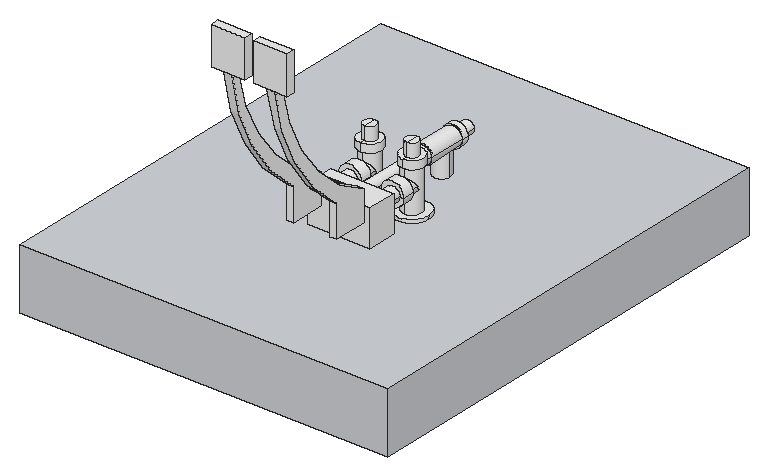
Revit family "Faucet-Bedpan_Washer-Zurn-Z85500-XL-WM", category Plumbing Fixtures, host Face, Revit 2022
Family settings
  Host = Face
  Round Connector Dimension = Use Radius
  Part Type = Normal
  OmniClass Number = 23.45.55.11
  OmniClass Title = Sanitary Components
  Cut with Voids When Loaded = No
  Maintain Annotation Orientation = No
  Shared = No
  Room Calculation Point = No
Parameters (values of type "Z85500-XL-WM (Wall Mount Double Foot Pedal Valve)")
  Width of assembly = 13.875"  # constant formula
  Width of Valve = 5.000"  # constant formula
  Waste Connection = 1 = 0  # no
  WFU = 0  # constant formula
  Vent Connection = 1 = 0  # no
  URL = "www.zurn.com"
  Repair Parts URL = "https://files.zurn.com/care-cleaning-install-warranty-sheets/cf1499.pdf#page=3"
  Product data URL = "https://www.bimobject.com/zurnindustries/product/Z85500-XL-WM"
  Product Page URL = "https://www.zurn.com/products/finish-plumbing/aquaspec-manual-faucets/other-faucets/z85500-xl-wm"
  Product Installation Sheet URL = "https://files.zurn.com/care-cleaning-install-warranty-sheets/cf1499.pdf"
  Product Documentation Link = "https://files.zurn.com/spec-sheets/z85500-xl_spec.pdf"
  Modified Date = "01/13/2026"  # constant formula
  Model = "Z85500-XL-WM"  # constant formula
  Manufacturer Brand = "Zurn"  # constant formula
  Manufacturer = "Zurn Water, LLC"  # constant formula
  Main Material = Chrome-Plated Brass - Zurn - Polished
  Inlet Connection Size (inch) = 1.000"
  Inlet Axis of Water to Ground = 13.000"  # constant formula
  HWFU = 1  # constant formula
  HW Connection = 1 = 1  # yes
  Distance b/w Ground & Food Pedals = 2.000"  # constant formula
  Distance Between Hot  & Cold water Axis Inlet = 2.500"  # constant formula
  Description = "Wall Mount Double Foot Pedal Valve"  # constant formula
  Default Elevation = 48.000"
  Date Created = "01/13/2026"  # constant formula
  CWFU = 1  # constant formula
  CW Connection = 1 = 1  # yes
  Assembly Code = "D2010.60"
  Activation Method = "Manual Operated"
Reference planes (in)
  plane 1 "Center (Front/Back)": y = 0
  plane 2: z = -8.42438
  plane 3 "Center (Left/Right)": x = 0
Forms (in)
  Extrusion 1, solid
    sketch origin (0, 0, 0) x (1, 0, 0) y (0, 1, 0)
      loop
        line (-11, 13) -> (-11, -13.72026) -> (10.7802, -13.72026) -> (10.7802, 13) -> (-11, 13)
    from -8.42438 to -12
Dimensions and locks (in)
  aligned and locked: plane 2 to Extrusion 1
  aligned and locked: Extrusion 1 to nested 1
  aligned and locked: plane 3 "Center (Left/Right)" to nested 1
  aligned and locked: plane 1 "Center (Front/Back)" to nested 1
Nested families (in)
  nested 1: "Z85500-XL-WM- Generic" at (0, -13, -8.42438) x (-1, 0, 0) z (0, 1, 0), type "Z85500-XL-WM-EVB-HK-SE-SH2-VC"
    with Vacuum Breaker Mounting Height 84.000", Spray Hose Mounting Height 66.000", Desired Sprayer Distance from Centerline 0.000", Desired Distance Between Vacuum Breaker Pipes 3.500", Calculated Spray Hose Mounting Distance 54.000"
Connectors (in)
  piping at (-1.25, 0, -8.42438), diameter 2, driven by "Inlet Connection Size (inch)", driven by "HW Connection"
    settings: on nested 1, index 1, connector inside diameter 24", connector length 0.000", flow factor 0, pipe flow 0 GPM, pressure drop 0.00 psi, fitting loss kfactor 0, connector angle 0.00°, fixture units 0, engagement length 0.000", angle of deflection 0.00°, flow configuration 0, flow direction 1, fitting loss method 0, system type 19, joint type 0, gender type 0, connector reference index -1, connector utility 1, adjustable connector no, is connector primary yes, connector description "Hot Water Inlet"
  piping at (1.25, 0, -8.42438), diameter 2, driven by "Inlet Connection Size (inch)", driven by "CW Connection"
    settings: on nested 1, index 2, connector inside diameter 24", connector length 0.000", flow factor 0, pipe flow 0 GPM, pressure drop 0.00 psi, fitting loss kfactor 0, connector angle 0.00°, fixture units 0, engagement length 0.000", angle of deflection 0.00°, flow configuration 0, flow direction 1, fitting loss method 0, system type 20, joint type 0, gender type 0, connector reference index -1, connector utility 1, adjustable connector no, is connector primary no, connector description "Cold Water inlet"
Definition of nested family "Z85500-XL-WM- Generic"
  Parameters
    Waste Connection = no
    Volume Control = yes
    Vent Connection = no
    Vacuum Breaker Mounting Height [instance] = 84.000"
    URL = "www.zurn.com"
    Type Comments = "Wall mounted double pedal bedpan washer with 1/2\" NPT angle stop inletes and elevated vacuum breaker."
    Sprayer Hook = yes
    Spray Hose with Angled Handle = yes
    Spray Hose Mounting Height [instance] = 66.000"
    Spray Hose Distance to Right of Centerline = 6.000"
    Product data url = "https://bimobject.com/zurnindustries/product/zurn-z85500-xl-wm-evb-hk-se-sh2-vc"
    Product Documentation Link = "http://www.zurn.com/Pages/ProductDetails.aspx?NodeKey=417721"
    Pipe Material = none
    Model = "Z85500-XL-WM-EVB-HK-SE-SH2-VC"
    Manufacturer = "Zurn Industries, LLC"  # constant formula
    Hot Water Radius = Hot Water Connection Diameter / 2  # 0.250"
    Hot Water Connection Diameter = 1/2"
    Hose Material = none
    Handle Material = none
    HW Connection = yes
    Flow = 1.6 GPM
    Faucet Material = none
    Elevated Vacuum Breaker = yes
    Desired Sprayer Mounting Height = 0.000"
    Desired Sprayer Distance from Centerline [instance] = 0.000"
    Desired Distance Between Vacuum Breaker Pipes [instance] = 3.500"
    Designation = "Faucet"  # constant formula
    Description = "Bedpan Washer"  # constant formula
    Default Elevation = 48.000"
    Cold Water Radius = Cold Water Connection Diameter / 2  # 0.250"
    Cold Water Connection Diameter = 1/2"
    Calculated Spray Hose Mounting Distance [instance] = 48.000" + Spray Hose Distance to Right of Centerline  # 54.000"
    CW Connection = yes
    Assembly Code = "D2010900"
  Reference planes (in)
    plane 1 "Wall Face": y = 0
    plane 2 "Bottom": z = 0
    plane 3 "Center (Left/Right)": x = 0
    plane 4 "Hot Water Supply": x = -1.25
    plane 5 "Cold Water Supply": x = 1.25
    plane 6 "Pedal Mounting Bracket Left End": x = -1.84375
    plane 7 "Pedal Mounting Bracket Right End": x = 1.84375
    plane 8 "Sprayer Centerline": x = 6
    plane 9 "Mounting Reference Calculation Point": x = -48
    plane 10 "Pedal Bottom": z = 2.5
    plane 11 "Water Supply Centerline": z = 13
    plane 12 "Pedal Bracket Bottom": z = 9.125
    plane 13 "Pedal Bracket Top": z = 10.875
    plane 14 "Pipe Out From Pedals": z = 16.75
    plane 15 "Pedal Valve Top": z = 18.67187
    plane 16 "Water Valve Nut Bottom": z = 15.04687
    plane 17 "Pedal Mounting Bracket Front": y = -2.15625
    plane 18 "Vertical Pipe Centerline": y = -1.625
    plane 19 "Inlet Pipe Front": y = -3.875
    plane 20 "Pedal Front Edge": y = -13.375
    plane 21 "Pedal Swivel Point": y = -2.79687
    plane 22 "Pedal Back Edge": y = -11.125
    plane 23 "Cold Pedal Shaft Right Edge": x = 1.5
    plane 24 "Hot Pedal Shaft Left Edge": x = -1.5
    plane 25 "Hot Pedal Shaft Right Edge": x = -1.0625
    plane 26 "Cold Pedal Shaft Left Edge": x = 1.0625
    plane 27 "Pedal Top": z = 3
    plane 28 "Outlet Pipe to Sprayer": y = 3.375
    plane 29 "Wall Plate Face": y = -0.1875
    plane 30: z = 13
  Forms (in)
    Extrusion 1, solid, material <- "Faucet Material"
      sketch origin (0, 0, 0) x (1, 0, 0) y (0, 0, 1)
        loop
          line (-1.84375, 9.125) -> (1.84375, 9.125) -> (1.84375, 10.875) -> (-1.84375, 10.875) -> (-1.84375, 9.125)
      from 0 to 2.15625
    Extrusion 2, solid, material <- "Faucet Material"
      sketch origin (0, 0, 2.5) x (-1, 0, 0) y (0, -1, 0)
        loop
          line (2.25, 13.375) -> (0.25, 13.375) -> (0.25, 11.125) -> (2.25, 11.125) -> (2.25, 13.375)
      from 0 to 0.5
    Extrusion 3, solid, material <- "Faucet Material"
      sketch origin (0, 0, 2.5) x (-1, 0, 0) y (0, -1, 0)
        loop
          line (-0.25, 13.375) -> (-2.25, 13.375) -> (-2.25, 11.125) -> (-0.25, 11.125) -> (-0.25, 13.375)
      from 0 to 0.5
    Extrusion 4, solid, material <- "Faucet Material", detail levels fine
      sketch origin (-1.25, 0, 0) x (0, 1, 0) y (0, 0, 1)
        loop
          line (-1.25, 9.125) -> (-3.04688, 9.125)
          arc (-3.04688, 9.125) -> (-6.29777, 5.02301) -> (-11.125, 3) r 10.5
          line (-11.125, 3) -> (-11.125, 2.5)
          arc (-11.125, 2.5) -> (-6.67421, 4.01562) -> (-3.1474, 7.125) r 12
          line (-3.1474, 7.125) -> (-1.25, 7.125) -> (-1.25, 9.125)
      from -0.25 to 0.1875
    Extrusion 5, solid, material <- "Faucet Material", detail levels fine
      sketch origin (1.25, 15, 0) x (0, 1, 0) y (0, 0, 1)
        loop
          line (-16.25, 9.125) -> (-18.04688, 9.125)
          arc (-18.04688, 9.125) -> (-21.29777, 5.02301) -> (-26.125, 3) r 10.5
          line (-26.125, 3) -> (-26.125, 2.5)
          arc (-26.125, 2.5) -> (-21.67421, 4.01562) -> (-18.1474, 7.125) r 12
          line (-18.1474, 7.125) -> (-16.25, 7.125) -> (-16.25, 9.125)
      from -0.1875 to 0.25
    Revolve 6, solid, material <- "Faucet Material", detail levels fine
      sketch origin (-1.25, 0, 0) x (0, 1, 0) y (0, 0, 1)
        loop
          line (-0.1875, 13) -> (-0.1875, 13.5625) -> (-2.67188, 13.5625) -> (-2.67188, 13.6875) -> (-3.125, 13.6875) -> (-3.125, 13.375) -> (-3.875, 13.375) -> (-3.875, 13) -> (-0.1875, 13)
        axis (-3.875, 13) -> (-0.1875, 13)
      angle from 0 to 360
    Revolve 7, solid, material <- "Faucet Material", detail levels fine
      sketch origin (1.25, 0, 0) x (0, 1, 0) y (0, 0, 1)
        loop
          line (-0.1875, 13) -> (-0.1875, 13.5625) -> (-2.67188, 13.5625) -> (-2.67188, 13.6875) -> (-3.125, 13.6875) -> (-3.125, 13.375) -> (-3.875, 13.375) -> (-3.875, 13) -> (-0.1875, 13)
        axis (-3.875, 13) -> (-0.1875, 13)
      angle from 0 to 360
    Revolve 8, solid, material <- "Faucet Material", detail levels fine
      sketch origin (0, -1.625, 0) x (-1, 0, 0) y (0, 0, 1)
        loop
          line (-1.25, 10.875) -> (-1.25, 13) -> (-1.75, 13) -> (-1.75, 12.18435) -> (-1.9375, 12.18435) -> (-1.9375, 11.55935) -> (-1.67188, 11.55935) -> (-1.67188, 10.875) -> (-1.25, 10.875)
        axis (-1.25, 13) -> (-1.25, 10.875)
      angle from 0 to 360
    Revolve 9, solid, material <- "Faucet Material", detail levels fine
      sketch origin (-2.5, -1.625, 0) x (-1, 0, 0) y (0, 0, 1)
        loop
          line (-1.25, 10.875) -> (-1.25, 13) -> (-1.75, 13) -> (-1.75, 12.18435) -> (-1.9375, 12.18435) -> (-1.9375, 11.55935) -> (-1.67188, 11.55935) -> (-1.67188, 10.875) -> (-1.25, 10.875)
        axis (-1.25, 13) -> (-1.25, 10.875)
      angle from 0 to 360
    Revolve 10, solid, material <- "Faucet Material", detail levels fine
      sketch origin (0, -1.625, 0) x (-1, 0, 0) y (0, 0, 1)
        loop
          line (0, 10.875) -> (0, 18.67187) -> (-0.375, 18.67187) -> (-0.375, 17.92187) -> (-0.625, 17.92187) -> (-0.625, 17.54687) -> (-0.5625, 17.54687) -> (-0.5625, 15.34375) -> (-0.5, 15.34375) -> (-0.5, 15.04687) -> (-0.34375, 15.04687) -> (-0.34375, 10.875) -> (0, 10.875)
        axis (0, 18.67187) -> (0, 10.875)
      angle from 0 to 360
    Extrusion 11, solid, material <- "Faucet Material"
      sketch origin (0, 0, 0) x (1, 0, 0) y (0, 0, 1)
        loop
          circle (0, 16.75) r 0.5
      from 0 to 1.625
    Extrusion 12, solid, material <- "Pipe Material"
      sketch origin (0, 0, 0) x (1, 0, 0) y (0, 0, 1)
        loop
          circle (0, 16.75) r 0.375
      from -3.375 to 0
    Extrusion 13, solid, material <- "Faucet Material"
      sketch origin (0, 0, 0) x (0, 1, 0) y (0, 0, 1)
        loop
          circle (-2.79688, 8.625) r 0.40625
      from -1.0625 to 1.0625
    Extrusion 14, solid, material <- "Faucet Material"
      sketch origin (0, 0, 0) x (1, 0, 0) y (0, 0, 1)
        loop
          circle (1.25, 13) r 1
      from 0 to 0.1875
    Extrusion 15, solid, material <- "Faucet Material"
      sketch origin (0, 0, 0) x (1, 0, 0) y (0, 0, 1)
        loop
          circle (-1.25, 13) r 1
      from 0 to 0.1875
    Extrusion 16, solid, detail levels coarse+medium
      sketch origin (0, 0, 0) x (0, 1, 0) y (0, 0, 1)
        loop
          line (-3.04688, 9.125) -> (-11.125, 3) -> (-11.125, 2.5) -> (-9.24721, 2.5) -> (-3.1474, 7.125) -> (-1.25, 7.125) -> (-1.25, 9.125) -> (-3.04688, 9.125)
      from -1.5 to -1.0625
    Extrusion 17, solid, detail levels coarse+medium
      sketch origin (0, 0, 0) x (0, 1, 0) y (0, 0, 1)
        loop
          line (-3.04688, 9.125) -> (-11.125, 3) -> (-11.125, 2.5) -> (-9.24721, 2.5) -> (-3.1474, 7.125) -> (-1.25, 7.125) -> (-1.25, 9.125) -> (-3.04688, 9.125)
      from 1.0625 to 1.5
    Extrusion 18, solid, detail levels coarse+medium
      sketch origin (0, 0, 0) x (1, 0, 0) y (0, 0, 1)
        loop
          circle (-1.25, 13) r 0.6875
        loop
          circle (1.25, 13) r 0.6875
      from 0 to 3.875
    Extrusion 19, solid, detail levels coarse+medium
      sketch origin (0, 0, 0) x (1, 0, 0) y (0, 1, 0)
        loop
          circle (-1.25, -1.625) r 0.6875
        loop
          circle (1.25, -1.625) r 0.6875
      from 10.875 to 13
    Extrusion 20, solid, detail levels coarse+medium
      sketch origin (0, 0, 0) x (1, 0, 0) y (0, 1, 0)
        loop
          circle (0, -1.625) r 0.625
      from 10.875 to 18.67187
  Cuts and joins
    joined: Extrusion 2, Extrusion 3, Extrusion 11, Extrusion 14, Extrusion 15
  Lines and regions (in)
    Masking region 1, detail levels medium+fine
      outline origin (0, 0, 10.875) x (-1, 0, 0) y (0, -1, 0)
        loop
          line (1.84375, 0) -> (1.84375, 2.15625) -> (-1.84375, 2.15625) -> (-1.84375, 0) -> (1.84375, 0)
    Masking region 2, detail levels medium+fine
      outline origin (0, 0, 3) x (-1, 0, 0) y (0, -1, 0)
        loop
          line (2.25, 13.375) -> (0.25, 13.375) -> (0.25, 11.125) -> (1.0625, 11.125) -> (1.0625, 2.15625) -> (1.5, 2.15625) -> (1.5, 11.125) -> (2.25, 11.125) -> (2.25, 13.375)
        loop
          line (-0.25, 13.375) -> (-2.25, 13.375) -> (-2.25, 11.125) -> (-1.5, 11.125) -> (-1.5, 2.15625) -> (-1.0625, 2.15625) -> (-1.0625, 11.125) -> (-0.25, 11.125) -> (-0.25, 13.375)
    Masking region 3, detail levels fine
      outline origin (0, 0, 16.75) x (-1, 0, 0) y (0, -1, 0)
        loop
          line (0.5, 0) -> (0.5, 1.625)
          arc (0.5, 1.625) -> (0, 2.125) -> (-0.5, 1.625) r 0.5
          line (-0.5, 1.625) -> (-0.5, 0) -> (0.5, 0)
    symbolic lines, detail levels coarse
      curve 1: line (-1.25, 0, 3) -> (-1.25, -13.375, 3)
      curve 2: line (1.25, 0, 3) -> (1.25, -13.375, 3)
  Dimensions and locks (in)
    plane 4 "Hot Water Supply" to plane 3 "Center (Left/Right)" to plane 5 "Cold Water Supply" = 1.250" locked, 1.250" locked
    plane 6 "Pedal Mounting Bracket Left End" to plane 3 "Center (Left/Right)" to plane 7 "Pedal Mounting Bracket Right End" = 1.84375" locked, 1.84375" locked
    locked: plane 9 "Mounting Reference Calculation Point" to plane 3 "Center (Left/Right)" at 48
    locked: plane 10 "Pedal Bottom" to plane 2 "Bottom" at 2.5
    locked: plane 13 "Pedal Bracket Top" to plane 12 "Pedal Bracket Bottom" at 1.75
    locked: plane 11 "Water Supply Centerline" to plane 2 "Bottom" at 13
    locked: plane 12 "Pedal Bracket Bottom" to plane 2 "Bottom" at 9.125
    locked: plane 14 "Pipe Out From Pedals" to plane 11 "Water Supply Centerline" at 3.75
    locked: plane 15 "Pedal Valve Top" to plane 14 "Pipe Out From Pedals" at 1.92188
    locked: plane 14 "Pipe Out From Pedals" to plane 16 "Water Valve Nut Bottom" at 1.70312
    locked: plane 1 "Wall Face" to plane 17 "Pedal Mounting Bracket Front" at 2.15625
    locked: plane 1 "Wall Face" to plane 18 "Vertical Pipe Centerline" at 1.625
    locked: plane 18 "Vertical Pipe Centerline" to plane 19 "Inlet Pipe Front" at 2.25
    locked: plane 1 "Wall Face" to plane 20 "Pedal Front Edge" at 13.375
    locked: plane 1 "Wall Face" to plane 21 "Pedal Swivel Point" at 2.79688
    locked: plane 22 "Pedal Back Edge" to plane 20 "Pedal Front Edge" at 2.25
    plane 24 "Hot Pedal Shaft Left Edge" to plane 4 "Hot Water Supply" to plane 25 "Hot Pedal Shaft Right Edge" = 0.250" locked, 0.1875" locked
    plane 26 "Cold Pedal Shaft Left Edge" to plane 5 "Cold Water Supply" to plane 23 "Cold Pedal Shaft Right Edge" = 0.1875" locked, 0.250" locked
    locked: plane 27 "Pedal Top" to plane 10 "Pedal Bottom" at 0.5
    Extrusion 2 sketch curve to plane 4 "Hot Water Supply" to Extrusion 2 sketch curve = 1.000" locked, 1.000" locked
    Extrusion 3 sketch curve to plane 5 "Cold Water Supply" to Extrusion 3 sketch curve = 1.000" locked, 1.000" locked
    locked: plane 18 "Vertical Pipe Centerline" to Extrusion 4 sketch curve at 0.375
    locked: plane 12 "Pedal Bracket Bottom" to Extrusion 4 sketch curve at 2
    locked: Extrusion 4 sketch curve to plane 18 "Vertical Pipe Centerline" at 1.42188
    locked: Extrusion 4 sketch curve to plane 18 "Vertical Pipe Centerline" at 1.5224
    locked: Extrusion 4 sketch curve to plane 22 "Pedal Back Edge" at 1.51671
    locked: Extrusion 4 sketch curve to plane 27 "Pedal Top" at 10.38988
    locked: Extrusion 4 sketch curve to plane 27 "Pedal Top" at 11.39713
    locked: Extrusion 4 sketch curve to plane 22 "Pedal Back Edge" at 1.56787
    locked: Extrusion 5 sketch curve to plane 18 "Vertical Pipe Centerline" at 1.42188
    Extrusion 5 sketch curve to plane 18 "Vertical Pipe Centerline" to Extrusion 4 = 1.5224" locked, 0.375" locked
    locked: plane 12 "Pedal Bracket Bottom" to Extrusion 4 at 2
    locked: Extrusion 5 sketch curve to plane 22 "Pedal Back Edge" at 1.51671
    locked: Extrusion 5 sketch curve to plane 27 "Pedal Top" at 10.38988
    locked: Extrusion 5 sketch curve to plane 27 "Pedal Top" at 11.39713
    locked: Extrusion 5 sketch curve to plane 22 "Pedal Back Edge" at 1.56787
    plane 19 "Inlet Pipe Front" to Revolve 6 sketch curve to Revolve 6 sketch curve = 0.750" locked, 0.45313" locked
    Revolve 6 sketch curve to Revolve 6 sketch curve to plane 11 "Water Supply Centerline" = 0.3125" locked, 0.375" locked
    locked: Revolve 6 sketch curve to plane 11 "Water Supply Centerline" at 0.5625
    locked: Revolve 7 sketch curve to Revolve 7 sketch curve at 0.45313
    locked: Revolve 7 sketch curve to Revolve 7 sketch curve at 0.3125
    locked: plane 19 "Inlet Pipe Front" to Revolve 7 sketch curve at 0.75
    locked: Revolve 7 sketch curve to plane 11 "Water Supply Centerline" at 0.375
    locked: Revolve 7 sketch curve to plane 11 "Water Supply Centerline" at 0.5625
    Revolve 8 sketch curve to Revolve 8 sketch curve to plane 13 "Pedal Bracket Top" = 0.625" locked, 0.68435" locked
    locked: Revolve 8 sketch curve to plane 5 "Cold Water Supply" at 0.5
    locked: Revolve 8 sketch curve to plane 5 "Cold Water Supply" at 0.6875
    locked: Revolve 8 sketch curve to plane 5 "Cold Water Supply" at 0.42188
    locked: Revolve 9 sketch curve to Revolve 9 sketch curve at 0.625
    locked: Revolve 9 sketch curve to plane 4 "Hot Water Supply" at 0.5
    locked: Revolve 9 sketch curve to plane 4 "Hot Water Supply" at 0.6875
    locked: Revolve 9 sketch curve to plane 4 "Hot Water Supply" at 0.42187
    locked: Revolve 9 sketch curve to plane 13 "Pedal Bracket Top" at 0.68435
    locked: Revolve 10 sketch curve to plane 16 "Water Valve Nut Bottom" at 0.29688
    plane 15 "Pedal Valve Top" to Revolve 10 sketch curve to Revolve 10 sketch curve = 0.750" locked, 0.375" locked
    locked: Revolve 10 sketch curve to plane 3 "Center (Left/Right)" at 0.375
    locked: Revolve 10 sketch curve to Revolve 10 sketch curve at 0.625
    locked: plane 3 "Center (Left/Right)" to Revolve 10 sketch curve at 0.5625
    locked: Revolve 10 sketch curve to plane 3 "Center (Left/Right)" at 0.5
    locked: Revolve 10 sketch curve to plane 3 "Center (Left/Right)" at 0.34375
    locked: plane 1 "Wall Face" to plane 28 "Outlet Pipe to Sprayer" at 3.375
    locked: plane 12 "Pedal Bracket Bottom" to Extrusion 13 sketch curve at 0.5
    cut or joined group of Extrusion 2, Extrusion 3, Extrusion 11, Extrusion 14, Extrusion 15 to plane 4 "Hot Water Supply" to cut or joined group of Extrusion 2, Extrusion 3, Extrusion 11, Extrusion 14, Extrusion 15 = 1.000" locked, 1.000" locked
    cut or joined group of Extrusion 2, Extrusion 3, Extrusion 11, Extrusion 14, Extrusion 15 to plane 5 "Cold Water Supply" to cut or joined group of Extrusion 2, Extrusion 3, Extrusion 11, Extrusion 14, Extrusion 15 = 1.000" locked, 1.000" locked
    Masking region 3 sketch curve to plane 3 "Center (Left/Right)" to Masking region 3 sketch curve = 0.500" locked, 0.500" locked
    locked: plane 1 "Wall Face" to plane 29 "Wall Plate Face" at 0.1875
    plane 1 "Wall Face" to Extrusion 17 = 11.125"
    radius of Extrusion 4 sketch curve = 10.500"
    radius of Extrusion 5 sketch curve = 10.500"
    radius of Extrusion 5 sketch curve = 12.000"
    radius of Extrusion 4 sketch curve = 12.000"
    radius of Extrusion 11 sketch curve = 0.500"
    radius of Extrusion 12 sketch curve = 0.375"
    radius of Extrusion 13 sketch curve = 0.40625"
    radius of Masking region 3 sketch curve = 0.500"
    radius of Extrusion 14 sketch curve = 1.000"
    radius of Extrusion 15 sketch curve = 1.000"
    aligned and locked: level to plane 2 "Bottom"
    aligned and locked: Extrusion 1 to plane 1 "Wall Face"
    aligned and locked: Extrusion 1 to plane 17 "Pedal Mounting Bracket Front"
    aligned and locked: Extrusion 3 to plane 10 "Pedal Bottom"
    aligned and locked: Extrusion 2 to plane 10 "Pedal Bottom"
    aligned and locked: plane 27 "Pedal Top" to Extrusion 2
    aligned and locked: plane 27 "Pedal Top" to Extrusion 3
    aligned and locked: Extrusion 4 to plane 24 "Hot Pedal Shaft Left Edge"
    aligned and locked: plane 25 "Hot Pedal Shaft Right Edge" to Extrusion 4
    aligned and locked: plane 23 "Cold Pedal Shaft Right Edge" to Extrusion 5
    aligned and locked: Extrusion 5 to plane 26 "Cold Pedal Shaft Left Edge"
    aligned and locked: Extrusion 11 to plane 1 "Wall Face"
    aligned and locked: Extrusion 11 to plane 18 "Vertical Pipe Centerline"
    aligned and locked: plane 28 "Outlet Pipe to Sprayer" to Extrusion 12
    aligned and locked: plane 1 "Wall Face" to Extrusion 12
    aligned and locked: Extrusion 13 to plane 25 "Hot Pedal Shaft Right Edge"
    aligned and locked: plane 26 "Cold Pedal Shaft Left Edge" to Extrusion 13
    aligned and locked: Extrusion 14 to plane 1 "Wall Face"
    aligned and locked: Extrusion 14 to plane 29 "Wall Plate Face"
    aligned and locked: Extrusion 15 to plane 1 "Wall Face"
    aligned and locked: Extrusion 15 to plane 29 "Wall Plate Face"
    aligned and locked: cut or joined group of Extrusion 2, Extrusion 3, Extrusion 11, Extrusion 14, Extrusion 15 to Extrusion 16 sketch curve
    aligned and locked: Extrusion 16 to plane 24 "Hot Pedal Shaft Left Edge"
    aligned and locked: plane 25 "Hot Pedal Shaft Right Edge" to Extrusion 16
    aligned and locked: Extrusion 17 to plane 26 "Cold Pedal Shaft Left Edge"
    aligned and locked: plane 23 "Cold Pedal Shaft Right Edge" to Extrusion 17
    aligned: Extrusion 18 sketch curve to cut or joined group of Extrusion 2, Extrusion 3, Extrusion 11, Extrusion 14, Extrusion 15
    aligned and locked: Extrusion 18 to plane 19 "Inlet Pipe Front"
    aligned and locked: Extrusion 18 to plane 1 "Wall Face"
    aligned and locked: Extrusion 19 sketch curve to Revolve 9  (x2)
    aligned and locked: Extrusion 19 sketch curve to Revolve 8  (x2)
    aligned and locked: plane 11 "Water Supply Centerline" to Extrusion 19
    aligned and locked: Extrusion 19 to Extrusion 1
    aligned and locked: Extrusion 20 sketch curve to Revolve 10  (x2)
    aligned and locked: plane 15 "Pedal Valve Top" to Extrusion 20
    aligned and locked: plane 11 "Water Supply Centerline" to plane 30
  Automatic sketch dimensions
    Extrusion 1 sketch curve to plane 6 "Pedal Mounting Bracket Left End" = 0.000"
    Extrusion 1 sketch curve to plane 7 "Pedal Mounting Bracket Right End" = 0.000"
    Extrusion 1 sketch curve to plane 12 "Pedal Bracket Bottom" = 0.000"
    Extrusion 1 sketch curve to plane 13 "Pedal Bracket Top" = 0.000"
    Extrusion 2 sketch curve to plane 22 "Pedal Back Edge" = 0.000"
    Extrusion 2 sketch curve to plane 20 "Pedal Front Edge" = 0.000"
    Extrusion 3 sketch curve to plane 22 "Pedal Back Edge" = 0.000"
    Extrusion 3 sketch curve to plane 20 "Pedal Front Edge" = 0.000"
    Extrusion 4 sketch curve to plane 10 "Pedal Bottom" = 0.000"
    Extrusion 5 sketch curve to plane 10 "Pedal Bottom" = 0.000"
    plane 18 "Vertical Pipe Centerline" to Extrusion 5 sketch curve = 0.375"
    Revolve 6 sketch curve to plane 11 "Water Supply Centerline" = 0.000"  (x2)
    Revolve 6 sketch curve to plane 19 "Inlet Pipe Front" = 0.000"
    Revolve 6 sketch curve to plane 29 "Wall Plate Face" = 0.000"
    Revolve 6 sketch curve to plane 20 "Pedal Front Edge" = 68.07459"
    plane 28 "Outlet Pipe to Sprayer" to Revolve 6 sketch curve = 84.53605"
    Revolve 7 sketch curve to plane 11 "Water Supply Centerline" = 0.000"  (x2)
    Revolve 7 sketch curve to plane 19 "Inlet Pipe Front" = 0.000"
    Revolve 7 sketch curve to plane 29 "Wall Plate Face" = 0.000"
    Revolve 7 sketch curve to plane 20 "Pedal Front Edge" = 68.07459"
    plane 28 "Outlet Pipe to Sprayer" to Revolve 7 sketch curve = 84.53605"
    Revolve 8 sketch curve to plane 5 "Cold Water Supply" = 0.000"  (x2)
    Revolve 8 sketch curve to plane 13 "Pedal Bracket Top" = 0.000"
    Revolve 8 sketch curve to plane 11 "Water Supply Centerline" = 0.000"
    Revolve 8 sketch curve to level = 12.000"
    plane 15 "Pedal Valve Top" to Revolve 8 sketch curve = 77.32813"
    Revolve 9 sketch curve to plane 4 "Hot Water Supply" = 0.000"  (x2)
    Revolve 9 sketch curve to plane 13 "Pedal Bracket Top" = 0.000"
    Revolve 9 sketch curve to plane 11 "Water Supply Centerline" = 0.000"
    Revolve 9 sketch curve to level = 12.000"
    plane 15 "Pedal Valve Top" to Revolve 9 sketch curve = 77.32813"
    Revolve 10 sketch curve to plane 3 "Center (Left/Right)" = 0.000"  (x2)
    Revolve 10 sketch curve to plane 13 "Pedal Bracket Top" = 0.000"
    Revolve 10 sketch curve to plane 16 "Water Valve Nut Bottom" = 0.000"
    Revolve 10 sketch curve to plane 15 "Pedal Valve Top" = 0.000"
    Revolve 10 sketch curve to level = 46.65555"
    plane 15 "Pedal Valve Top" to Revolve 10 sketch curve = 76.39316"
    Extrusion 11 sketch curve to plane 3 "Center (Left/Right)" = 0.000"
    Extrusion 11 sketch curve to plane 14 "Pipe Out From Pedals" = 0.000"
    Extrusion 12 sketch curve to plane 3 "Center (Left/Right)" = 0.000"
    Extrusion 12 sketch curve to plane 14 "Pipe Out From Pedals" = 0.000"
    Extrusion 13 sketch curve to plane 21 "Pedal Swivel Point" = 0.000"
    plane 1 "Wall Face" to Masking region 1 sketch curve = 0.000"
    Masking region 1 sketch curve to plane 7 "Pedal Mounting Bracket Right End" = 0.000"
    Masking region 1 sketch curve to plane 6 "Pedal Mounting Bracket Left End" = 0.000"
    Masking region 1 sketch curve to plane 17 "Pedal Mounting Bracket Front" = 0.000"
    Masking region 2 sketch curve to plane 20 "Pedal Front Edge" = 0.000"  (x2)
    Masking region 2 sketch curve to plane 22 "Pedal Back Edge" = 0.000"  (x4)
    Masking region 2 sketch curve to plane 23 "Cold Pedal Shaft Right Edge" = 0.000"
    Masking region 2 sketch curve to plane 26 "Cold Pedal Shaft Left Edge" = 0.000"
    Masking region 2 sketch curve to plane 17 "Pedal Mounting Bracket Front" = 0.000"  (x2)
    Masking region 2 sketch curve to plane 25 "Hot Pedal Shaft Right Edge" = 0.000"
    Masking region 2 sketch curve to plane 24 "Hot Pedal Shaft Left Edge" = 0.000"
    plane 7 "Pedal Mounting Bracket Right End" to Masking region 2 sketch curve = 0.40625"
    plane 3 "Center (Left/Right)" to Masking region 2 sketch curve = 0.250"
    Masking region 2 sketch curve to plane 3 "Center (Left/Right)" = 0.250"
    Masking region 2 sketch curve to plane 6 "Pedal Mounting Bracket Left End" = 0.40625"
    plane 1 "Wall Face" to Masking region 3 sketch curve = 0.000"
    Masking region 3 sketch curve to plane 18 "Vertical Pipe Centerline" = 0.000"
    plane 1 "Wall Face" to curve 2 = 0.000"
    curve 2 to plane 5 "Cold Water Supply" = 0.000"
    curve 1 to plane 4 "Hot Water Supply" = 0.000"
    plane 1 "Wall Face" to curve 1 = 0.000"
    curve 2 to plane 20 "Pedal Front Edge" = 0.000"
    curve 1 to plane 20 "Pedal Front Edge" = 0.000"
    Extrusion 14 sketch curve to plane 5 "Cold Water Supply" = 0.000"
    Extrusion 14 sketch curve to plane 11 "Water Supply Centerline" = 0.000"
    Extrusion 15 sketch curve to plane 4 "Hot Water Supply" = 0.000"
    Extrusion 15 sketch curve to plane 11 "Water Supply Centerline" = 0.000"
    Extrusion 16 sketch curve to plane 22 "Pedal Back Edge" = 0.000"
    Extrusion 16 sketch curve to plane 12 "Pedal Bracket Bottom" = 0.000"
    Extrusion 16 sketch curve to plane 27 "Pedal Top" = 0.000"
    plane 22 "Pedal Back Edge" to Extrusion 16 sketch curve = 1.87779"
    Extrusion 16 sketch curve to plane 21 "Pedal Swivel Point" = 0.35052"
    Extrusion 16 sketch curve to plane 21 "Pedal Swivel Point" = 0.250"
    plane 18 "Vertical Pipe Centerline" to Extrusion 16 sketch curve = 0.375"
    Extrusion 16 sketch curve to plane 12 "Pedal Bracket Bottom" = 2.000"
    Extrusion 17 sketch curve to plane 22 "Pedal Back Edge" = 0.000"
    Extrusion 17 sketch curve to plane 10 "Pedal Bottom" = 0.000"
    Extrusion 17 sketch curve to plane 12 "Pedal Bracket Bottom" = 0.000"
    Extrusion 17 sketch curve to plane 27 "Pedal Top" = 0.000"
    plane 22 "Pedal Back Edge" to Extrusion 17 sketch curve = 1.87779"
    Extrusion 17 sketch curve to plane 21 "Pedal Swivel Point" = 0.35052"
    Extrusion 17 sketch curve to plane 21 "Pedal Swivel Point" = 0.250"
    plane 18 "Vertical Pipe Centerline" to Extrusion 17 sketch curve = 0.375"
    Extrusion 17 sketch curve to plane 12 "Pedal Bracket Bottom" = 2.000"
    Extrusion 18 sketch curve to plane 4 "Hot Water Supply" = 0.000"  (x2)
    Extrusion 18 sketch curve to plane 5 "Cold Water Supply" = 0.000"
    Extrusion 18 sketch curve to plane 11 "Water Supply Centerline" = 0.000"  (x2)
    Extrusion 18 sketch curve to Extrusion 18 sketch curve = 0.6875"  (x2)
    Extrusion 18 sketch curve to Extrusion 18 sketch curve = 0.000"  (x2)
